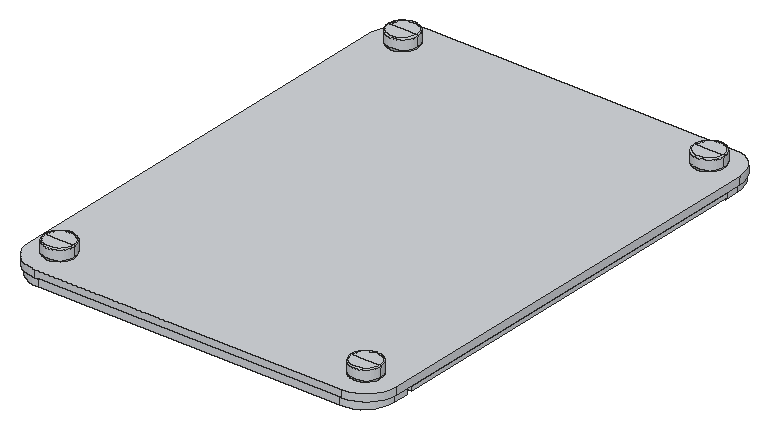
Revit family "Ghent - Slide Changeable Glassboard", category Generic Models, host Face, Revit 2019
Family settings
  Host = Face
  Can host rebar = No
  Round Connector Dimension = Use Diameter
  Part Type = Normal
  Cut with Voids When Loaded = No
  Shared = No
  Room Calculation Point = No
Parameters (values of type "12"W x 16"H")
  Width = 1' - 0"
  URL = "https://ghent.com/changeable-glassboards"
  Round Corners [instance] = yes
  Model = "GGINHMY1216-FM-XXV"
  Manufacturer = "Ghent"  # constant formula
  Insert Slide Percentage (0-100) = 0
  Insert = none
  Height = 1' - 4"
  Hardware = none
  Glassboard = none
  Default Elevation = 4' - 0"
Types (10): name | Width | Model | Height
  (no name) | 1' - 0" | "GGINHMY1216-FM-XXV" | 1' - 4"
  18"W x 24"H | 1' - 6" | "GGINHMY18-FM-XXV" | 2' - 0"
  24"W x 18"H | 2' - 0" | "GGINHMY18-FM-XXH" | 1' - 6"
  12"W x 16"H | 1' - 0" | "GGINHMY1216-FM-XXV" | 1' - 4"
  16"W x 12"H | 1' - 4" | "GGINHMY1216-FM-XXH" | 1' - 0"
  24"W x 24"H | 2' - 0" | "GGINHMY2424-FM-XXH" | 2' - 0"
  24"W x 30"H | 2' - 0" | "GGINHMY2430-FM-XXV" | 2' - 6"
  30"W x 24"H | 2' - 6" | "GGINHMY2430-FM-XXH" | 2' - 0"
  24"W x 36"H | 2' - 0" | "GGINHMY23-FM-XXV" | 3' - 0"
  36"W x 24"H | 3' - 0" | "GGINHMY23-FM-XXH" | 2' - 0"
Reference planes (in)
  plane 1 "Center (Front/Back)": y = 0
  plane 2: z = 0
  plane 3 "Center (Left/Right)": x = 0
  plane 4: z = 0.00297
  plane 5: x = -6
  plane 6: x = 6
  plane 7: y = 10
  plane 8: y = -6
Dimensions and locks (in)
  plane 8 to plane 1 "Center (Front/Back)" to plane 7 = 0' - 6", 0' - 10"
  equal spacing: plane 5, plane 3 "Center (Left/Right)", plane 6
  "Width": plane 5 to plane 6
  "Height": plane 7 to plane 8
  aligned and locked: plane 2 to host face
  aligned and locked: level to host face
  aligned and locked: plane 3 "Center (Left/Right)" to nested 1
  aligned and locked: plane 1 "Center (Front/Back)" to nested 1
Automatic sketch dimensions
  host sketch curve to host sketch curve = 8' - 0"  (x2)
Nested families (in)
  nested 1: "Ghent - Slide Changeable Glassboard Unit" at (0, 0, 0.237), Insert Slide Percentage (0-100) <- "Insert Slide Percentage (0-100)", Round Corners <- "Round Corners", type "Ghent - Slide Changeable Glassboard Unit"
    with Void Depth Control 0' - 2", Round Corners yes, Insert Slide Percentage (0-100) 0, Insert Slide Control 0, Insert Position 0' - 0 1/16", Width 1' - 0", Insert Width 0' - 11 31/32", Height 1' - 4"
Definition of nested family "Ghent - Slide Changeable Glassboard Unit"
  Parameters (values of type "Ghent - Slide Changeable Glassboard Unit")
    Width = 1' - 4"
    Void Depth Control [instance] = if(Round Corners, 0' 2", 0' 0 1/8")  # 0' - 2"
    Round Corners [instance] = yes
    Insert Width = Width - 0' 0 1/32"  # 1' - 3 31/32"
    Insert Slide Percentage (0-100) [instance] = 0
    Insert Position [instance] = if(Insert Slide Control = 0, 0' 0 1/16", if(Insert Slide Control = 100, Width - 0' 1", (Width) * (Insert Slide Control * 0.01)))  # 0' - 0 1/16"
    Insert Slide Control [instance] = if([Insert Slide Percentage (0-100)] < 0, 0, if([Insert Slide Percentage (0-100)] > 100, 100, [Insert Slide Percentage (0-100)]))  # 0
    Insert = none
    Height = 1' - 0"
    Hardware = none
    Glassboard = none
  Reference planes (in)
    plane 1 "Center Front/Back": y = 0
    plane 2: z = 0
    plane 3 "Center Left/Right": x = 0
    plane 4: y = 6
    plane 5: y = -6
    plane 6: x = -8
    plane 7: x = 8
    plane 8 "1": x = -7
    plane 9 "a": y = 5
    plane 10 "b": y = -5
    plane 11 "2": x = 7
    plane 12: x = -7.9375
    plane 13: y = 3.29821
    plane 14: y = -3.29821
    plane 15: y = 5.9375
    plane 16: x = 7.9375
    plane 17: y = -5.9375
    plane 18: y = 4.4375
    plane 19: y = -4.4375
    plane 20: x = -7.9375
    plane 21 "void start": z = -0.43336
    plane 22: x = -7.875
    plane 23: y = 4.5
    plane 24: y = -4.5
    plane 25: z = -0.237
  Forms (in)
    Extrusion 1, solid, material <- "Glassboard"
      sketch origin (0, 0, 0) x (1, 0, 0) y (0, 1, 0)
        loop
          line (-8, 6) -> (-8, -6) -> (8, -6) -> (8, 6) -> (-8, 6)
      from 0 to 0.238
    Revolve 2, solid, material <- "Hardware"
      sketch origin (0, 5, 0) x (-1, 0, 0) y (0, 0, 1)
        loop
          line (7, 0.6755) -> (7, -0.016) -> (7.181, -0.016) -> (7.181, 0.238) -> (7.311, 0.238) -> (7.311, 0.3005) -> (7.45896, 0.3005)
          arc (7.45896, 0.3005) -> (7.48106, 0.30965) -> (7.49021, 0.33175) r 0.03125
          line (7.49021, 0.33175) -> (7.49021, 0.64425)
          arc (7.49021, 0.64425) -> (7.48106, 0.66635) -> (7.45896, 0.6755) r 0.03125
          line (7.45896, 0.6755) -> (7, 0.6755)
        axis (7, 0.6755) -> (7, -0.016)
      angle from 0 to 360
    Revolve 3, solid, material <- "Hardware"
      sketch origin (0, -5, 0) x (-1, 0, 0) y (0, 0, 1)
        loop
          line (7, 0.6755) -> (7, -0.016) -> (7.181, -0.016) -> (7.181, 0.238) -> (7.311, 0.238) -> (7.311, 0.3005) -> (7.45896, 0.3005)
          arc (7.45896, 0.3005) -> (7.48106, 0.30965) -> (7.49021, 0.33175) r 0.03125
          line (7.49021, 0.33175) -> (7.49021, 0.64425)
          arc (7.49021, 0.64425) -> (7.48106, 0.66635) -> (7.45896, 0.6755) r 0.03125
          line (7.45896, 0.6755) -> (7, 0.6755)
        axis (7, 0.6755) -> (7, -0.016)
      angle from 0 to 360
    Revolve 4, solid, material <- "Hardware"
      sketch origin (0, 5, 0) x (1, 0, 0) y (0, 0, 1)
        loop
          line (7, 0.6755) -> (7, -0.016) -> (7.181, -0.016) -> (7.181, 0.238) -> (7.311, 0.238) -> (7.311, 0.3005) -> (7.45896, 0.3005)
          arc (7.45896, 0.3005) -> (7.48106, 0.30965) -> (7.49021, 0.33175) r 0.03125
          line (7.49021, 0.33175) -> (7.49021, 0.64425)
          arc (7.49021, 0.64425) -> (7.48106, 0.66635) -> (7.45896, 0.6755) r 0.03125
          line (7.45896, 0.6755) -> (7, 0.6755)
        axis (7, 0.6755) -> (7, -0.016)
      angle from 0 to 360
    Revolve 5, solid, material <- "Hardware"
      sketch origin (0, -5, 0) x (1, 0, 0) y (0, 0, 1)
        loop
          line (7, 0.6755) -> (7, -0.016) -> (7.181, -0.016) -> (7.181, 0.238) -> (7.311, 0.238) -> (7.311, 0.3005) -> (7.45896, 0.3005)
          arc (7.45896, 0.3005) -> (7.48106, 0.30965) -> (7.49021, 0.33175) r 0.03125
          line (7.49021, 0.33175) -> (7.49021, 0.64425)
          arc (7.49021, 0.64425) -> (7.48106, 0.66635) -> (7.45896, 0.6755) r 0.03125
          line (7.45896, 0.6755) -> (7, 0.6755)
        axis (7, 0.6755) -> (7, -0.016)
      angle from 0 to 360
    Extrusion 6, solid, material <- "Insert"
      sketch origin (0, 0, 0) x (1, 0, 0) y (0, 1, 0)
        loop
          line (-7.9375, 4.4375) -> (-7.9375, -4.4375) -> (8.03125, -4.4375) -> (8.03125, 4.4375) -> (-7.9375, 4.4375)
      from -0.11811 to 0
    Extrusion 7, void
      sketch origin (0, 0, -0.43336) x (-1, 0, 0) y (0, -1, 0)
        loop
          line (7, -6) -> (8, -6) -> (8, -5)
          arc (8, -5) -> (7.70711, -5.70711) -> (7, -6) r 1
      from 0 to 2 <- "Void Depth Control"
    Extrusion 8, void
      sketch origin (0, 0, -0.43336) x (-1, 0, 0) y (0, -1, 0)
        loop
          arc (-7, -6) -> (-7.70711, -5.70711) -> (-8, -5) r 1
          line (-8, -5) -> (-8, -6) -> (-7, -6)
      from 0 to 2 <- "Void Depth Control"
    Extrusion 9, void
      sketch origin (0, 0, -0.43336) x (-1, 0, 0) y (0, -1, 0)
        loop
          arc (7, 6) -> (7.70711, 5.70711) -> (8, 5) r 1
          line (8, 5) -> (8, 6) -> (7, 6)
      from 0 to 2 <- "Void Depth Control"
    Extrusion 10, void
      sketch origin (0, 0, -0.43336) x (-1, 0, 0) y (0, -1, 0)
        loop
          line (-7, 6) -> (-8, 6) -> (-8, 5)
          arc (-8, 5) -> (-7.70711, 5.70711) -> (-7, 6) r 1
      from 0 to 2 <- "Void Depth Control"
    Extrusion 11, solid
      sketch origin (0, 0, 0) x (1, 0, 0) y (0, 1, 0)
        loop
          line (-7.875, 6) -> (-7.875, 4.5) -> (7.9375, 4.5) -> (7.9375, 6) -> (-7.875, 6)
      from -0.237 to 0
    Extrusion 12, solid
      sketch origin (0, 0, 0) x (1, 0, 0) y (0, 1, 0)
        loop
          line (-7.875, -6) -> (7.9375, -6) -> (7.9375, -4.5) -> (-7.875, -4.5) -> (-7.875, -6)
      from -0.237 to 0
    Extrusion 13, void
      sketch origin (0, 0, -0.43336) x (-1, 0, 0) y (0, -1, 0)
        loop
          line (7.875, -6) -> (7.875, -5)
          arc (7.875, -5) -> (7.58211, -5.70711) -> (6.875, -6) r 1
          line (6.875, -6) -> (7.875, -6)
      from 0 to 2 <- "Void Depth Control"
    Extrusion 14, void
      sketch origin (0, 0, -0.43336) x (1, 0, 0) y (0, 1, 0)
        loop
          line (7.9375, 6) -> (6.9375, 6)
          arc (6.9375, 6) -> (7.64461, 5.70711) -> (7.9375, 5) r 1
          line (7.9375, 5) -> (7.9375, 6)
      from 0 to 2 <- "Void Depth Control"
    Extrusion 15, void
      sketch origin (0, 0, -0.43336) x (-1, 0, 0) y (0, -1, 0)
        loop
          line (7.875, 6) -> (6.875, 6)
          arc (6.875, 6) -> (7.58211, 5.70711) -> (7.875, 5) r 1
          line (7.875, 5) -> (7.875, 6)
      from 0 to 2 <- "Void Depth Control"
    Extrusion 16, void
      sketch origin (0, 0, -0.43336) x (1, 0, 0) y (0, 1, 0)
        loop
          line (7.9375, -6) -> (7.9375, -5)
          arc (7.9375, -5) -> (7.64461, -5.70711) -> (6.9375, -6) r 1
          line (6.9375, -6) -> (7.9375, -6)
      from 0 to 2 <- "Void Depth Control"
  Cuts and joins
    Extrusion 7, Extrusion 8, Extrusion 9, Extrusion 10 cuts Extrusion 1
    Extrusion 13, Extrusion 14, Extrusion 15, Extrusion 16 cuts Extrusion 11
    Extrusion 15, Extrusion 16 cuts Extrusion 12
  Lines and regions (in)
    Masking region 1
      outline origin (0, 5, 0) x (-1, 0, 0) y (0, 0, 1)
        loop
          line (8, 0.238) -> (-8, 0.238) -> (-8, -0.237) -> (8, -0.237) -> (8, 0.238)
    Masking region 2
      outline origin (0, 5, 0) x (-1, 0, 0) y (0, 0, 1)
        loop
          arc (6.54104, 0.6755) -> (6.51894, 0.66635) -> (6.50979, 0.64425) r 0.03125
          line (6.50979, 0.64425) -> (6.50979, 0.33175)
          arc (6.50979, 0.33175) -> (6.51894, 0.30965) -> (6.54104, 0.3005) r 0.03125
          line (6.54104, 0.3005) -> (6.689, 0.3005) -> (6.689, 0.238) -> (7.311, 0.238) -> (7.311, 0.3005) -> (7.45896, 0.3005)
          arc (7.45896, 0.3005) -> (7.48106, 0.30965) -> (7.49021, 0.33175) r 0.03125
          line (7.49021, 0.33175) -> (7.49021, 0.64425)
          arc (7.49021, 0.64425) -> (7.48106, 0.66635) -> (7.45896, 0.6755) r 0.03125
          line (7.45896, 0.6755) -> (6.54104, 0.6755)
    Masking region 3
      outline origin (0, 5, 0) x (-1, 0, 0) y (0, 0, 1)
        loop
          arc (-7.45896, 0.6755) -> (-7.48106, 0.66635) -> (-7.49021, 0.64425) r 0.03125
          line (-7.49021, 0.64425) -> (-7.49021, 0.33175)
          arc (-7.49021, 0.33175) -> (-7.48106, 0.30965) -> (-7.45896, 0.3005) r 0.03125
          line (-7.45896, 0.3005) -> (-7.311, 0.3005) -> (-7.311, 0.238) -> (-6.689, 0.238) -> (-6.689, 0.3005) -> (-6.54104, 0.3005)
          arc (-6.54104, 0.3005) -> (-6.51894, 0.30965) -> (-6.50979, 0.33175) r 0.03125
          line (-6.50979, 0.33175) -> (-6.50979, 0.64425)
          arc (-6.50979, 0.64425) -> (-6.51894, 0.66635) -> (-6.54104, 0.6755) r 0.03125
          line (-6.54104, 0.6755) -> (-7.45896, 0.6755)
    symbolic lines
      curve 1: line (-8, 5, 0) -> (8, 5, 0)
  Dimensions and locks (in)
    plane 4 to plane 9 "a" = 0' - 1"
    locked: plane 6 to plane 8 "1" at 1
    plane 5 to plane 10 "b" = 0' - 1"
    locked: plane 7 to plane 11 "2" at 1
    equal spacing: plane 6, plane 3 "Center Left/Right", plane 7
    equal spacing: plane 4, plane 1 "Center Front/Back", plane 5
    "Height": plane 4 to plane 5
    "Width": plane 6 to plane 7
    plane 6 to plane 12 = 0' - 0 1/16"
    locked: plane 9 "a" to plane 13 at 1.70179
    locked: plane 10 "b" to plane 14 at 1.70179
    locked: plane 4 to plane 15 at 0.0625
    plane 7 to plane 16 = 0' - 0 1/16"
    locked: plane 5 to plane 17 at 0.0625
    locked: plane 15 to plane 18 at 1.5
    locked: plane 17 to plane 19 at 1.5
    "Insert Position": plane 6 to plane 20
    "Insert Width": Extrusion 6 sketch curve to Extrusion 6 sketch curve
    Masking region 2 sketch curve to plane 8 "1" to Masking region 2 sketch curve = 0' - 0.49021" locked, 0' - 0.49021" locked
    Masking region 2 sketch curve to plane 8 "1" to Masking region 2 sketch curve = 0' - 0.311" locked, 0' - 0.311" locked
    Masking region 3 sketch curve to plane 11 "2" to Masking region 3 sketch curve = 0' - 0.49021" locked, 0' - 0.49021" locked
    Masking region 3 sketch curve to plane 11 "2" to Masking region 3 sketch curve = 0' - 0.311" locked, 0' - 0.311" locked
    locked: plane 23 to plane 18 at 0.0625
    locked: plane 24 to plane 19 at 0.0625
    locked: plane 6 to plane 22 at 0.125
    radius of Extrusion 13 sketch curve = 0' - 1"
    radius of Extrusion 14 sketch curve = 0' - 1"
    radius of Extrusion 15 sketch curve = 0' - 1"
    radius of Extrusion 16 sketch curve = 0' - 1"
    aligned and locked: level to plane 2
    aligned and locked: plane 8 "1" to Revolve 2 sketch curve  (x2)
    aligned and locked: Revolve 5 sketch curve to plane 11 "2"  (x2)
    aligned and locked: Revolve 4 sketch curve to plane 11 "2"  (x2)
    aligned and locked: Extrusion 6 sketch curve to plane 18
    aligned and locked: Extrusion 6 sketch curve to plane 19
    aligned and locked: plane 20 to Extrusion 6 sketch curve
    aligned and locked: plane 7 to Masking region 1 sketch curve
    aligned and locked: plane 6 to Masking region 1 sketch curve
    aligned and locked: plane 8 "1" to Extrusion 7 sketch curve
    aligned and locked: plane 4 to Extrusion 7 sketch curve  (x2)
    aligned and locked: plane 9 "a" to Extrusion 7 sketch curve
    aligned and locked: Extrusion 7 to plane 21 "void start"
    aligned and locked: Extrusion 8 sketch curve to plane 4
    aligned and locked: plane 7 to Extrusion 8 sketch curve
    aligned and locked: Extrusion 8 to plane 21 "void start"
    aligned and locked: Extrusion 10 sketch curve to plane 5
    aligned and locked: Extrusion 10 sketch curve to plane 7
    aligned and locked: Extrusion 10 to plane 21 "void start"
    aligned and locked: Extrusion 9 to plane 21 "void start"
    aligned and locked: plane 6 to Extrusion 9 sketch curve
    aligned and locked: plane 5 to Extrusion 9 sketch curve
    aligned and locked: Extrusion 11 sketch curve to plane 4
    aligned and locked: Extrusion 11 sketch curve to plane 16
    aligned and locked: Extrusion 11 sketch curve to plane 22
    aligned and locked: plane 23 to Extrusion 11 sketch curve
    aligned and locked: Extrusion 12 to plane 24
    aligned and locked: Extrusion 12 to plane 5
    aligned and locked: Extrusion 12 to plane 16
    aligned and locked: plane 22 to Extrusion 12
    aligned and locked: plane 22 to Extrusion 13 sketch curve
    aligned and locked: Extrusion 13 sketch curve to plane 4
    aligned and locked: plane 4 to Extrusion 14 sketch curve
    aligned and locked: Extrusion 14 sketch curve to plane 16
    aligned and locked: Extrusion 15 sketch curve to plane 22
    aligned and locked: Extrusion 15 sketch curve to plane 5
    aligned and locked: Extrusion 16 sketch curve to plane 16
    aligned and locked: plane 5 to Extrusion 16 sketch curve
    aligned and locked: plane 22 to Extrusion 12 sketch curve
    aligned and locked: plane 25 to Masking region 1 sketch curve
    aligned and locked: plane 6 to curve 1
    aligned and locked: plane 7 to curve 1
  Automatic sketch dimensions
    Extrusion 1 sketch curve to plane 5 = 0' - 0"
    Extrusion 1 sketch curve to plane 6 = 0' - 0"
    Extrusion 1 sketch curve to plane 4 = 0' - 0"
    Extrusion 1 sketch curve to plane 7 = 0' - 0"
    Revolve 2 sketch curve to level = 0' - 0.016"
    Revolve 2 sketch curve to Revolve 2 sketch curve = 0' - 0.181"
    Revolve 2 sketch curve to Revolve 2 sketch curve = 0' - 0.13"
    Revolve 2 sketch curve to Revolve 2 sketch curve = 0' - 0.14796"
    Revolve 2 sketch curve to Revolve 2 sketch curve = 0' - 0"
    Revolve 2 sketch curve to Revolve 2 sketch curve = 0' - 0 1/32"
    level to Revolve 2 sketch curve = 0' - 0.238"
    Revolve 2 sketch curve to Revolve 2 sketch curve = 0' - 0 1/16"
    Revolve 2 sketch curve to Revolve 2 sketch curve = 0' - 0 5/16"
    Revolve 2 sketch curve to Revolve 2 sketch curve = 0' - 0.62841"
    Revolve 2 sketch curve to Revolve 2 sketch curve = 0' - 0.15203"
    plane 8 "1" to Revolve 3 sketch curve = 0' - 0"  (x2)
    level to Revolve 3 sketch curve = 0' - 0.016"
    Revolve 3 sketch curve to plane 8 "1" = 0' - 0.181"
    Revolve 3 sketch curve to Revolve 3 sketch curve = 0' - 0.13"
    Revolve 3 sketch curve to Revolve 3 sketch curve = 0' - 0.14796"
    Revolve 3 sketch curve to Revolve 3 sketch curve = 0' - 0"
    Revolve 3 sketch curve to Revolve 3 sketch curve = 0' - 0 1/32"
    Revolve 3 sketch curve to level = 0' - 0.238"
    Revolve 3 sketch curve to Revolve 3 sketch curve = 0' - 0 1/16"
    Revolve 3 sketch curve to Revolve 3 sketch curve = 0' - 0 5/16"
    Revolve 3 sketch curve to Revolve 3 sketch curve = 0' - 0.62841"
    Revolve 3 sketch curve to Revolve 3 sketch curve = 0' - 0.15203"
    level to Revolve 4 sketch curve = 0' - 0.016"
    Revolve 4 sketch curve to Revolve 4 sketch curve = 0' - 0.181"
    Revolve 4 sketch curve to Revolve 4 sketch curve = 0' - 0.13"
    Revolve 4 sketch curve to Revolve 4 sketch curve = 0' - 0.14796"
    Revolve 4 sketch curve to Revolve 4 sketch curve = 0' - 0"
    Revolve 4 sketch curve to Revolve 4 sketch curve = 0' - 0 1/32"
    Revolve 4 sketch curve to level = 0' - 0.238"
    Revolve 4 sketch curve to Revolve 4 sketch curve = 0' - 0 1/16"
    Revolve 4 sketch curve to Revolve 4 sketch curve = 0' - 0 5/16"
    Revolve 4 sketch curve to Revolve 4 sketch curve = 0' - 0.62841"
    Revolve 4 sketch curve to Revolve 4 sketch curve = 0' - 0.15203"
    Revolve 5 sketch curve to level = 0' - 0.016"
    Revolve 5 sketch curve to Revolve 5 sketch curve = 0' - 0.181"
    Revolve 5 sketch curve to Revolve 5 sketch curve = 0' - 0.13"
    Revolve 5 sketch curve to Revolve 5 sketch curve = 0' - 0.14796"
    Revolve 5 sketch curve to Revolve 5 sketch curve = 0' - 0"
    Revolve 5 sketch curve to Revolve 5 sketch curve = 0' - 0 1/32"
    level to Revolve 5 sketch curve = 0' - 0.238"
    Revolve 5 sketch curve to Revolve 5 sketch curve = 0' - 0 1/16"
    Revolve 5 sketch curve to Revolve 5 sketch curve = 0' - 0 5/16"
    Revolve 5 sketch curve to Revolve 5 sketch curve = 0' - 0.62841"
    Revolve 5 sketch curve to Revolve 5 sketch curve = 0' - 0.15203"
    level to Masking region 1 sketch curve = 0' - 0.238"
    Masking region 2 sketch curve to Masking region 2 sketch curve = 0' - 0 1/32"  (x4)
    level to Masking region 2 sketch curve = 0' - 0.238"
    Masking region 2 sketch curve to Masking region 2 sketch curve = 0' - 0 1/16"  (x2)
    Masking region 2 sketch curve to Masking region 2 sketch curve = 0' - 0 5/16"
    Masking region 3 sketch curve to Masking region 3 sketch curve = 0' - 0 1/32"  (x4)
    level to Masking region 3 sketch curve = 0' - 0.238"
    Masking region 3 sketch curve to Masking region 3 sketch curve = 0' - 0 1/16"  (x2)
    Masking region 3 sketch curve to Masking region 3 sketch curve = 0' - 0 5/16"
    plane 9 "a" to Extrusion 8 sketch curve = 0' - 0"
    Extrusion 9 sketch curve to plane 8 "1" = 0' - 0"
    plane 10 "b" to Extrusion 10 sketch curve = 0' - 0"
    Extrusion 12 sketch curve to plane 16 = 0' - 0"
    plane 24 to Extrusion 12 sketch curve = 0' - 0"
    Extrusion 12 sketch curve to plane 5 = 0' - 0"
    Extrusion 13 sketch curve to plane 9 "a" = 0' - 0"  (x2)
    Extrusion 13 sketch curve to plane 22 = 0' - 0"
    Extrusion 13 sketch curve to Extrusion 13 sketch curve = 0' - 0"
    plane 9 "a" to Extrusion 14 sketch curve = 0' - 0"  (x2)
    Extrusion 14 sketch curve to plane 16 = 0' - 0"
    Extrusion 14 sketch curve to Extrusion 14 sketch curve = 0' - 0"
    Extrusion 15 sketch curve to plane 10 "b" = 0' - 0"  (x2)
    Extrusion 15 sketch curve to plane 22 = 0' - 0"
    Extrusion 15 sketch curve to Extrusion 15 sketch curve = 0' - 0"
    plane 10 "b" to Extrusion 16 sketch curve = 0' - 0"  (x2)
    Extrusion 16 sketch curve to plane 16 = 0' - 0"
    Extrusion 16 sketch curve to Extrusion 16 sketch curve = 0' - 0"
    curve 1 to level = 0' - 0"
